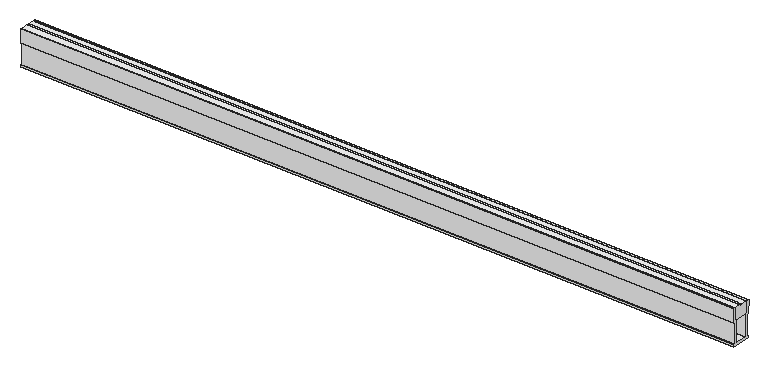
Revit family "4070763+4070745 Feilo Sylvania Lighting Fixture CURSUS 1161MM 871LM OVAL LED 4K with FRAMED ROUGH IN HOUSING", category Lighting Fixtures, host Face, Revit 2017
Family settings
  Host = Face
  Round Connector Dimension = Use Diameter
  Part Type = Normal
  OmniClass Number = 23.80.70.14
  OmniClass Title = Luminaries for External Lighting
  Cut with Voids When Loaded = Yes
  Light Source = Yes
  Shared = No
  Room Calculation Point = No
Parameters (values of type "4070763 CURSUS 1161MM 871LM OVAL LED 4K")
  Width = 30 mm
  Weight = "2.2 kg"
  Wattage Comments = "n/a"
  Wattage = 18 W
  WarrantyStartDate [instance] = "n/a"
  WarrantyGuarantorParts = "n/a"
  WarrantyDurationUnit = "n/a"
  WarrantyDurationParts = "n/a"
  WarrantyDescription = "n/a"
  built-in parameter 1150110 = 1 (stored number, unit not read)
  Voltage = 24 V
  URL = "http://www.sylvania-lighting.com"
  TypeName = "CURSUS 1161MM 871LM OVAL LED 4K"
  Type Image = <None>
  Type Comments = "n/a"
  built-in parameter 1114217 = 1 (stored number, unit not read)
  Tilt Angle = -90.00°
  built-in parameter 1150109 = 1 (stored number, unit not read)
  built-in parameter 1150134 = 12
  built-in parameter 1150113 = 1 (stored number, unit not read)
  SerialNumber [instance] = "n/a"
  Material_3_FEILO = none
  PowerFactor = 0
  PowerConsumption = "18 W"
  Photometric Web File = "4070763.ies"
  NominalLength = 1161 mm
  NominalHeight = 50 mm
  NominalDepth = Width  # 30 mm
  Name = "CURSUS 1161MM 871LM OVAL LED 4K"
  ModelReference = Name  # "CURSUS 1161MM 871LM OVAL LED 4K"
  ModelNumber = "4070763"
  Model = Name  # "CURSUS 1161MM 871LM OVAL LED 4K"
  Material = "natural anodised extruded aluminium structure housing, optical system with pmma lenses diffuser"
  ManufacturerName = "Feilo Sylvania"
  Manufacturer = "Feilo Sylvania"
  LuminousEfficacy = "48.38 lm/W"
  built-in parameter 1150105 = 1192.8 (stored number, unit not read)
  Lumens = 871 lm
  LuminaireType = ""
  built-in parameter 1150115 = 1 (stored number, unit not read)
  LightOutputRatio = "100"
  built-in parameter 1150137 = (empty or 0)
  built-in parameter 1150139 = (empty or 0)
  LengthVoidExtrusionRight [instance] = if(EndCapRight, Length / 2, Length / 2 - 2.5 mm)  # 581 mm
  LengthVoidExtrusionLeft [instance] = if(EndCapLeft, Length / 2, Length / 2 - 2.5 mm)  # 581 mm
  Length = 1167 mm
  LampsType = Lamp  # "LED"
  LampNominalLuminous = "871 lm"
  LampMacAdamStep = "n/a"
  LampColourTemperature = "4000 K"
  LampColourRenderingIndex = "80"
  built-in parameter 1150112 = 1 (stored number, unit not read)
  built-in parameter 1150114 = 1 (stored number, unit not read)
  Lamp = "LED"
  Keynote = "16500"
  InstallationDate [instance] = "n/a"
  InputVoltage = "24V DC"
  InputNominalFrequency = "50/60 Hz"
  built-in parameter 1150132 = (empty or 0)
  built-in parameter 1150102 = (empty or 0)
  built-in parameter 1150107 = 4000 (stored number, unit not read)
  built-in parameter 1150138 = (empty or 0)
  IngressProtection = "IP67"
  ImpactProtectionIndex = "IK07"
  built-in parameter 1150106 = 11.928 (stored number, unit not read)
  IfcExportType = "IfcLightFixtureType"
  IfcExportAs = "IfcLightFixtureType"
  ExpectedLife = 50000
  EndCapRight [instance] = no
  EndCapLeft [instance] = no
  Emit from Rectangle Width = Width - 6 mm  # 24 mm
  Emit from Rectangle Length = Length - 6 mm  # 1161 mm
  Emit Shape Visible in Rendering = no
  ElectricShockClassification = "Class III"
  built-in parameter 1150104 = 4.4955 (stored number, unit not read)
  DurationUnit = "hours"
  DocumentationLiterature = "http://www.sylvania-lighting.com/product/en-int/products/4070763"
  DimmingControlOptions = "n/a"
  Dimming Lamp Color Temperature Shift = <None>
  Material_2_FEILO = Diffuser-Sylvania-Glow
  Description = "LED Exterior Lighting Recessed Surface Mounted Linear Fixture, Natural anodised extruded aluminium structure. Die-cast aluminium end caps. Installation kit with harmonic steel springs., 871 lm, 18W,  48lm/W, 4000K, CRI80+,non dimmable,IP67, IK07, (HxWxD) 1161x50x30mm, 3 step Mac Adam Ellipse, 2.2kg,, Classe III, 21-25V-DC, energy class : A++, A+, A"
  Default Elevation = 1219.2 mm
  CreatedOn = "1/8/2018"
  CreatedBy = ""
  Cost = 0
  Color Filter = 16777215
  built-in parameter 1114216 [instance] = (empty or 0)
  ClassificationValue = "EF_70_80"
  ClassificationName = "Uniclass2015"
  Material_1_FEILO = Body-Sylvania-Gray
  BarCode [instance] = "n/a"
  built-in parameter 1114218 = 1 (stored number, unit not read)
  built-in parameter 1150133 = 10 (stored number, unit not read)
  AssetType = "Fixed"
  AssetIdentifier [instance] = "n/a"
  Assembly Code = "D5020200"
  Apparent Load = 18 VA
  Material_4_FEILO = Diffuser-Sylvania-Glow
Reference planes
  plane 1 "Center (Front/Back)": y = 0
  plane 2: z = 0
  plane 3 "Center (Left/Right)": x = 0
  plane 4: y = 15
  plane 5: y = -15
  plane 6: x = 583.5
  plane 7: x = -583.5
  plane 8: x = -581
  plane 9: y = 12.5
  plane 10: y = -12.5
  plane 11: x = 581
  plane 12: z = -55
  plane 13: z = -52.5
  plane 14: z = -2
  plane 15: y = -10
  plane 16: z = -18
  plane 17: z = -20.5
  plane 18: y = 10
Forms (mm)
  Extrusion 1, solid, material "Body-Sylvania-Gray" <- "Material_1_FEILO"
    sketch origin (0, 0, -32.5) x (0, 1, 0) y (0, 0, 1)
      loop
        line (15, -22.5) -> (15, -20) -> (12.5, -20) -> (12.5, 12) -> (15, 12) -> (15, 32.5) -> (12.5, 32.5) -> (12.5, 14.5) -> (10, 14.5) -> (10, -20) -> (-10, -20) -> (-10, 14.5) -> (-12.5, 14.5) -> (-12.5, 32.5) -> (-15, 32.5) -> (-15, 12) -> (-12.5, 12) -> (-12.5, -20) -> (-15, -20) -> (-15, -22.5) -> (15, -22.5)
    from -581 to 581
  Extrusion 2, solid, material "Body-Sylvania-Gray" <- "Material_1_FEILO", visible <- "EndCapRight"
    sketch origin (583.5, 1524, 1219.2) x (0, 1, 0) y (0, 0, 1)
      loop
        line (-1539, -1274.2) -> (-1509, -1274.2) -> (-1509, -1219.2) -> (-1539, -1219.2) -> (-1539, -1274.2)
    from 0 to -2.5
  Extrusion 3, solid, material "Body-Sylvania-Gray" <- "Material_1_FEILO", visible <- "EndCapLeft"
    sketch origin (-583.5, 1524, 1219.2) x (0, 1, 0) y (0, 0, 1)
      loop
        line (-1539, -1274.2) -> (-1509, -1274.2) -> (-1509, -1219.2) -> (-1539, -1219.2) -> (-1539, -1274.2)
    from 0 to 2.5
  Extrusion 4, solid, material "Diffuser-Sylvania-Glow" <- "Material_2_FEILO"
    sketch origin (0, 0, 0) x (0, 1, 0) y (0, 0, 1)
      loop
        line (-12.5, 0) -> (-12.5, -18) -> (12.5, -18) -> (12.5, 0) -> (2, 0) -> (0, -2) -> (-2, 0) -> (-12.5, 0)
    from -581 to 581
  Extrusion 5, void
    sketch origin (0, 0, 0) x (1, 0, 0) y (0, 1, 0)
      loop
        line (-581, 15) -> (-581, -15) -> (581, -15) -> (581, 15) -> (-581, 15)
    from 0 to -55
Dimensions and locks
  equal spacing: plane 5, plane 1 "Center (Front/Back)", plane 4
  equal spacing: plane 7, plane 3 "Center (Left/Right)", plane 6
  "Length": plane 7 to plane 6
  equal spacing: plane 8, plane 3 "Center (Left/Right)", plane 11
  equal spacing: plane 10, plane 1 "Center (Front/Back)", plane 9
  locked: plane 5 to plane 10 at 2.5
  "Width": plane 5 to plane 4
  locked: plane 2 to plane 12 at 55
  locked: plane 12 to plane 13 at 2.5
  "LengthVoidExtrusionLeft": Extrusion 5 sketch curve to plane 3 "Center (Left/Right)"
  "LengthVoidExtrusionRight": plane 3 "Center (Left/Right)" to Extrusion 5 sketch curve
  plane 2 to plane 14 = 2 mm
  locked: plane 7 to plane 8 at 2.5
  locked: plane 2 to plane 16 at 18
  locked: plane 17 to plane 16 at 2.5
  equal spacing: plane 15, plane 1 "Center (Front/Back)", plane 18
  locked: plane 10 to plane 15 at 2.5
  locked: plane 14 to Extrusion 4 sketch curve (angle 45.00°)
  locked: Extrusion 4 sketch curve to plane 14 (angle 45.00°)
  aligned and locked: plane 2 to host face
  aligned and locked: level to host face
  aligned and locked: plane 4 to Extrusion 1 sketch curve
  aligned and locked: Extrusion 1 sketch curve to plane 5
  aligned and locked: plane 10 to Extrusion 1 sketch curve  (x2)
  aligned and locked: Extrusion 1 sketch curve to plane 9  (x2)
  aligned and locked: plane 8 to Extrusion 3
  aligned and locked: Extrusion 3 to plane 7
  aligned and locked: Extrusion 4 to plane 8
  aligned and locked: plane 11 to Extrusion 4
  aligned and locked: imposter light to plane 1 "Center (Front/Back)"
  aligned and locked: plane 3 "Center (Left/Right)" to imposter light
  aligned and locked: plane 12 to Extrusion 1
  aligned and locked: Extrusion 1 to plane 13
  aligned and locked: level to Extrusion 1  (x2)
  aligned and locked: plane 2 to imposter light
  aligned and locked: plane 11 to Extrusion 1
  aligned and locked: Extrusion 1 to plane 8
  aligned and locked: plane 12 to Extrusion 3 sketch curve
  aligned and locked: plane 5 to Extrusion 3 sketch curve
  aligned and locked: Extrusion 3 sketch curve to plane 4
  aligned and locked: Extrusion 2 sketch curve to plane 4
  aligned and locked: plane 5 to Extrusion 2 sketch curve
  aligned and locked: plane 12 to Extrusion 2 sketch curve
  aligned and locked: plane 9 to Extrusion 4 sketch curve
  aligned and locked: Extrusion 4 sketch curve to plane 10
  aligned and locked: Extrusion 5 sketch curve to plane 4
  aligned and locked: plane 5 to Extrusion 5 sketch curve
  aligned and locked: Extrusion 5 to Extrusion 1
  aligned and locked: level to Extrusion 5
  aligned and locked: plane 14 to Extrusion 4 sketch curve
  aligned and locked: Extrusion 4 sketch curve to plane 16
  aligned and locked: Extrusion 1 sketch curve to Extrusion 1 sketch curve  (x3)
  aligned and locked: Extrusion 1 sketch curve to Extrusion 4
  aligned and locked: plane 15 to Extrusion 1 sketch curve
  aligned and locked: plane 17 to Extrusion 1 sketch curve
  aligned and locked: plane 5 to Extrusion 1 sketch curve
  aligned and locked: Extrusion 1 sketch curve to plane 16
  aligned and locked: plane 18 to Extrusion 1 sketch curve
  aligned and locked: Extrusion 1 sketch curve to plane 17
  aligned and locked: Extrusion 1 sketch curve to Extrusion 2
Automatic sketch dimensions
  host sketch curve to host sketch curve = 2438.4 mm  (x2)
  Extrusion 3 sketch curve to level = 0 mm
  Extrusion 2 sketch curve to level = 0 mm
  Extrusion 4 sketch curve to level = 0 mm  (x2)
  Extrusion 4 sketch curve to plane 1 "Center (Front/Back)" = 0 mm
  plane 12 to Extrusion 1 sketch curve = 0 mm
  plane 13 to Extrusion 1 sketch curve = 0 mm
  Extrusion 1 sketch curve to level = 0 mm  (x2)
Connectors
  electrical at (0, 0, 0), driven by "Apparent Load", driven by "PowerFactor", driven by "Voltage"
    settings: index 1, voltage 24 V, apparent load 18 VA, apparent load phase1 0 VA, apparent load phase2 0 VA, apparent load phase3 0 VA, power factor 0, load classification "Lighting", number of poles 1, system type 30, power factor state 1, is connector primary yes, connector utility no, sub classification motor no, connector description ""
